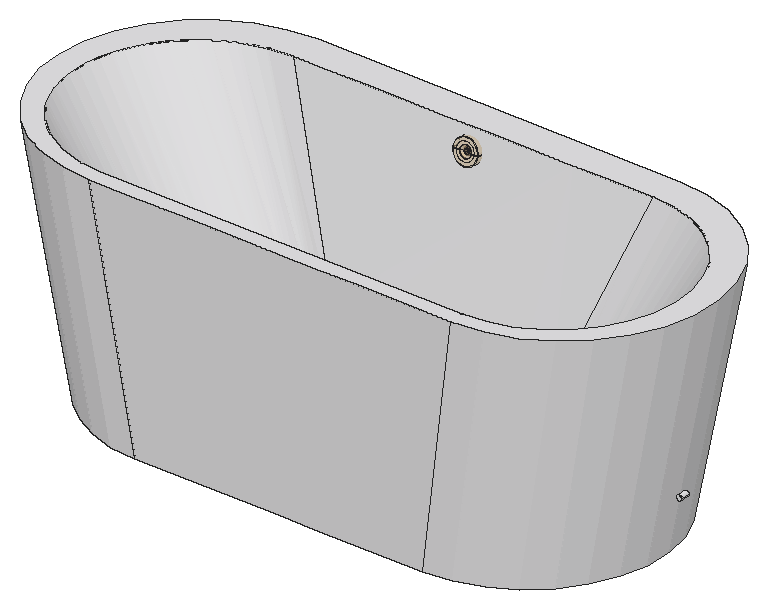
Revit family "Bath-Freestanding-BubbleMassage-KOHLER-EVOK-K-21351T_1", category Plumbing Fixtures, host Face, Revit 2017
Family settings
  Host = Face
  Round Connector Dimension = Use Diameter
  Part Type = Normal
  OmniClass Number = 23.31.15.00
  OmniClass Title = Bathtubs
  Cut with Voids When Loaded = No
  Shared = No
  Room Calculation Point = No
Parameters (values of type "0-White")
  Width = 66 117/128"  # constant formula
  WaterSense Certified = 1 = 0  # no
  Waste Water Outlet = "Waste Water Outlet"  # constant formula
  Waste Connection = 1 = 1  # yes
  Voltage = 240 V  # constant formula
  Vent Connection = 1 = 0  # no
  URL = "http://www.kohler.com.cn/"
  Type = 1
  Pump Electrical Connector = "Pump Electrical Connector"  # constant formula
  Product Page URL = "https://www.kohler.com.cn/product/K-21351T-ACH-0/K-21351T-ACH-0/"
  Product Name = "EVOK"  # constant formula
  Product Documentation Link = "https://files.kohler.com.cn/pdfs/1552296724054_K-21351T_final.pdf"
  Model = "K-21351T-ACH-0"  # constant formula
  Material = "ACRYLIC"  # constant formula
  Master Format 2014 Name = "Residential Bathtubs"  # constant formula
  Master Format 2014 = "22 41 19"  # constant formula
  Manufacturer Address = "Kohler Beijing Office (100016)36-2-03-B, No. 88, Liuxiang Road, Beijing"  # constant formula
  Manufacturer = "KOHLER Co."  # constant formula
  Length = 29 33/64"  # constant formula
  Hot Water Inlet = "Hot Water Inlet"  # constant formula
  Height = 25"  # constant formula
  Heater Electrical Connector = "Heater Electrical Connector"  # constant formula
  HW Connection = 1 = 0  # no
  Finish = KOHLER-Acrylic-0-White
  Environmental Product Declaration = ""
  Electrical Note = "Dedicated branch circuit required, protected with Class A Ground-Fault Circuit-Interrupt (GFCI)"  # constant formula
  Electrical Connector = 1 = 1  # yes
  Drain Included = 1 = 1  # yes
  Description = "EVOK Eve Luguang Fragrance Freestanding Bubble Bath—Amber Gold"  # constant formula
  Default Elevation = 0"
  Declare Label = ""
  Date Modified = "01/25/2021"  # constant formula
  Date Created = "01/25/2021"  # constant formula
  Copyright = "Copyright KOHLER Co."  # constant formula
  Contact Us = "http://www.kohler.com.cn/contact/contact-us/"
  Cold Water Inlet = "Cold Water Inlet"  # constant formula
  CW Connection = 1 = 0  # no
  Blower Electrical Connector = "Blower Electrical Connector"  # constant formula
  Assembly Code = "D2010500"
  Apparent Load = 0 VA
  Amplifer Electrical Connector = "Amplifier Electrical Connector"  # constant formula
  ADA Compliant = 1 = 0  # no
Reference planes (in)
  plane 1 "Center (Front/Back)": y = 0
  plane 2: z = 0
  plane 3 "Center (Left/Right)": x = 0
  plane 4: y = 14.76191
  plane 5: y = -14.75371
  plane 6: x = -33.46457
  plane 7: x = 33.4495
  plane 8: z = 25
  plane 9: x = -28.42172
  plane 10: x = 28.39555
  plane 11: y = 13.53823
  plane 12: y = -13.53824
  plane 13: x = 31.20079
  plane 14: y = -0.90625
  plane 15: z = 7.01264
  plane 16: z = 4.09848
Dimensions and locks (in)
  "Width": plane 6 to plane 7
  "Length": plane 4 to plane 5
  "Height": plane 8 to level
  plane 10 to plane 9 = 56.81726"
  plane 11 to plane 12 = 27.07647"
  plane 8 to level = 25"
  aligned and locked: plane 2 to host face
  aligned and locked: level to host face
Automatic sketch dimensions
  host sketch curve to host sketch curve = 96"  (x2)
Nested families (in)
  nested 1: "K-21351T" at (0, 0, 0), type "K-21351T"
Connectors (in)
  piping at (0, -0.90625, 4.09848), diameter 1.32031, driven by "Waste Connection", driven by "Waste Water Outlet"
    settings: on nested 1, index 1, connector inside diameter 24", connector length 0", flow factor 0, pipe flow 0 GPM, pressure drop 0.00 psi, fitting loss kfactor 0, connector angle 0.00°, fixture units 0, engagement length 0", angle of deflection 0.00°, flow configuration 0, flow direction 2, fitting loss method 0, system type 16, joint type 0, gender type 0, connector reference index -1, connector utility 1, adjustable connector no, is connector primary yes, connector description "Waste Water Outlet"
  electrical at (31.20079, -0.90625, 7.01264), driven by "Voltage", driven by "Apparent Load", driven by "Electrical Connector", driven by "Blower Electrical Connector"
    settings: on nested 1, index 2, voltage 240 V, apparent load 0 VA, apparent load phase1 0 VA, apparent load phase2 0 VA, apparent load phase3 0 VA, power factor 1, load classification "Power", number of poles 1, system type 31, power factor state 1, is connector primary yes, connector utility yes, sub classification motor no, connector description "Blower Electrical Connector"
  electrical at (31.20079, 0, 7.01264), driven by "Voltage", driven by "Apparent Load", driven by "Electrical Connector", driven by "Heater Electrical Connector"
    settings: on nested 1, index 3, voltage 240 V, apparent load 0 VA, apparent load phase1 0 VA, apparent load phase2 0 VA, apparent load phase3 0 VA, power factor 1, load classification "Power", number of poles 1, system type 31, power factor state 1, is connector primary no, connector utility yes, sub classification motor no, connector description "Heater Electrical Connector"
Definition of nested family "K-21351T"
  Parameters (values of type "K-21351T")
    Material = none
  Reference planes (in)
    plane 1 "Center (Front/Back)": y = 0
    plane 2: z = 0
    plane 3 "Center (Left/Right)": x = 0
    plane 4: x = -33.46457
    plane 5: x = 33.44894
    plane 6: z = 25
    plane 7: y = 11.64415
    plane 8: y = 7.23949
    plane 9: y = 4.33588
    plane 10: y = -6.08964
    plane 11: y = -9.12447
    plane 12: y = -13.49401
    plane 13: x = -31.20079
    plane 14: x = -20.81683
    plane 15: x = -16.32444
    plane 16: x = 21.06683
    plane 17: x = 16.26194
    plane 18: x = -28.42172
    plane 19: x = 28.39555
    plane 20: y = -14.75436
    plane 21: y = 14.76191
    plane 22: x = 31.20079
    plane 23: y = 11.42267
    plane 24: y = -13.24794
    plane 25: z = 24.76428
    plane 26: z = 0.109
    plane 27: y = -0.90625
    plane 28: y = 13.53823
    plane 29: y = -13.53824
    plane 30: y = 1.51483
    plane 31: y = -3.32733
    plane 32: x = -2.42108
    plane 33: x = 2.42108
    plane 34: z = 7.01264
  Forms (in)
    Blend 1, solid, material <- "Material", detail levels medium+fine
      base sketch origin (0, 0, 0) x (1, 0, 0) y (0, 1, 0)
        loop
          arc (14.85731, -13.53825) -> (28.39555, -0.00001) -> (14.85731, 13.53823) r 13.53824
          line (14.85731, 13.53823) -> (-14.88346, 13.53825)
          arc (-14.88346, 13.53825) -> (-28.42172, 0.00001) -> (-14.88347, -13.53824) r 13.53824
          line (-14.88347, -13.53824) -> (14.85731, -13.53825)
      top sketch origin (0, 0, 0) x (1, 0, 0) y (0, 1, 0)
        loop
          arc (18.71411, -14.74582) -> (33.46198, 0.01275) -> (18.70619, 14.76341) r 14.75461
          line (18.70619, 14.76341) -> (-18.68468, 14.76042)
          arc (-18.68468, 14.76042) -> (-33.44515, -0.0052) -> (-18.67675, -14.7629) r 14.76166
          line (-18.67675, -14.7629) -> (18.71411, -14.74582)
      from 0 to 25
    Blend 2, void
      base sketch origin (0, 0, 0) x (1, 0, 0) y (0, 1, 0)
        loop
          line (-14.81805, -12.33838) -> (14.85339, -12.33838)
          arc (14.85339, -12.33838) -> (27.19177, 0) -> (14.85339, 12.33838) r 12.33838
          line (14.85339, 12.33838) -> (-14.81805, 12.33838)
          arc (-14.81805, 12.33838) -> (-27.15643, 0) -> (-14.81805, -12.33838) r 12.33838
      top sketch origin (0, 0, 0) x (1, 0, 0) y (0, 1, 0)
        loop
          arc (18.5492, -13.53825) -> (31.21812, -0.86933) -> (18.5492, 11.79959) r 12.66892
          line (18.5492, 11.79959) -> (-18.59458, 11.79959)
          arc (-18.59458, 11.79959) -> (-31.2635, -0.86933) -> (-18.59458, -13.53824) r 12.66891
          line (-18.59458, -13.53824) -> (18.5492, -13.53825)
      from 0 to 25.00772
    Blend 3, solid, material <- "Material", detail levels medium+fine
      base sketch origin (0, 0, 0) x (1, 0, 0) y (0, 1, 0)
        loop
          arc (-9.78782, -10.80389) -> (-0.06622, -10.70092) -> (9.65518, -10.82156) r 422.70918
          arc (9.65518, -10.82156) -> (19.8096, -0.91908) -> (9.67923, 9.00799) r 9.91734
          arc (9.67923, 9.00799) -> (-0.05847, 8.90281) -> (-9.7962, 9.00568) r 455.82661
          arc (-9.7962, 9.00568) -> (-19.91377, -0.90339) -> (-9.78782, -10.80389) r 9.90711
      top sketch origin (0, 0, 0) x (1, 0, 0) y (0, 1, 0)
        loop
          arc (18.6415, -13.7792) -> (31.55793, -0.86277) -> (18.6415, 12.05365) r 12.91642
          line (18.6415, 12.05365) -> (-18.55313, 12.05365)
          arc (-18.55313, 12.05365) -> (-31.46955, -0.86277) -> (-18.55313, -13.77919) r 12.91642
          line (-18.55313, -13.77919) -> (18.6415, -13.7792)
      from 4.96063 to 25
    Blend 4, void
      base sketch origin (0, 0, 0) x (1, 0, 0) y (0, 1, 0)
        loop
          arc (-10.94702, -8.99099) -> (0.01553, -8.85952) -> (10.97813, -8.98657) r 464.94894
          arc (10.97813, -8.98657) -> (19.22613, -0.92403) -> (10.96783, 7.12795) r 8.05959
          arc (10.96783, 7.12795) -> (0.01502, 6.99366) -> (-10.93776, 7.13094) r 441.79671
          arc (-10.93776, 7.13094) -> (-19.20212, -0.92528) -> (-10.94702, -8.99099) r 8.06336
      top sketch origin (0, 0, 0) x (1, 0, 0) y (0, 1, 0)
        loop
          line (-18.50948, -13.24794) -> (18.55287, -13.24795)
          arc (18.55287, -13.24795) -> (30.88823, -0.91256) -> (18.55281, 11.42277) r 12.33536
          line (18.55281, 11.42277) -> (-18.50954, 11.42258)
          arc (-18.50954, 11.42258) -> (-30.84474, -0.91271) -> (-18.50948, -13.24794) r 12.33526
      from 5.4179 to 25
    Sweep 5, solid, material <- "Material", detail levels medium+fine
      path origin (0.07812, 0, 0) x (1, 0, 0) y (0, 1, 0)
        loop
          arc (-10.92866, 7.41263) -> (-19.37443, -0.86937) -> (-10.93759, -9.16047) r 8.28797
          arc (-10.93759, -9.16047) -> (-0.09293, -9.06151) -> (10.75178, -9.15424) r 613.55247
          arc (10.75178, -9.15424) -> (19.1771, -0.86996) -> (10.74336, 7.40575) r 8.28132
          arc (10.74336, 7.40575) -> (-0.09268, 7.30774) -> (-10.92866, 7.41263) r 578.7772
      profile origin (-19.29631, -0.86937, 0) x (-1, 0.000539, 0) y (0, 0, 1)
        loop
          arc (1.19473, 7.69761) -> (-0.76284, 6.06951) -> (-3.21931, 5.3998) r 6
          line (-3.21931, 5.3998) -> (-5.48185, 5.28122) -> (0.01441, 5.19712) -> (1.98685, 8.4798)
          arc (1.98685, 8.4798) -> (1.96604, 8.57566) -> (1.86909, 8.56074) r 0.07158
          line (1.86909, 8.56074) -> (1.19473, 7.69761)
    Revolve 6, solid, detail levels medium+fine
      sketch origin (0, 4.1765, 24.14029) x (1, 0, 0) y (0, 0.984808, -0.173648)
        loop
          arc (-0.88012, 6.38253) -> (-0.73517, 6.39827) -> (-0.59091, 6.41939) r 3.9202
          arc (-0.59091, 6.41939) -> (-0.5772, 6.42716) -> (-0.57178, 6.44195) r 0.02287
          line (-0.57178, 6.44195) -> (-0.57178, 6.48508)
          arc (-0.57178, 6.48508) -> (-0.56447, 6.50822) -> (-0.54519, 6.52296) r 0.04028
          arc (-0.54519, 6.52296) -> (-0.42939, 6.59231) -> (-0.34814, 6.7001) r 0.35255
          line (-0.34814, 6.7001) -> (-0.32151, 6.73813)
          arc (-0.32151, 6.73813) -> (-0.40635, 6.60009) -> (-0.54466, 6.51567) r 0.34669
          arc (-0.54466, 6.51567) -> (-0.55835, 6.50576) -> (-0.56358, 6.48968) r 0.02732
          line (-0.56358, 6.48968) -> (-0.56358, 6.45075)
          arc (-0.56358, 6.45075) -> (-0.55623, 6.43548) -> (-0.53971, 6.43169) r 0.01955
          arc (-0.53971, 6.43169) -> (-0.37425, 6.50882) -> (-0.25546, 6.64742) r 0.43179
          arc (-0.25546, 6.64742) -> (-0.21536, 6.74867) -> (-0.20017, 6.85651) r 0.46035
          arc (-0.20017, 6.85651) -> (-0.13565, 6.90735) -> (-0.09816, 6.83425) r 0.0532
          line (-0.09816, 6.83425) -> (-0.21837, 6.55635)
          arc (-0.21837, 6.55635) -> (-0.2204, 6.54124) -> (-0.21426, 6.52729) r 0.02813
          arc (-0.21426, 6.52729) -> (-0.19024, 6.50573) -> (-0.16092, 6.49223) r 0.108
          arc (-0.16092, 6.49223) -> (-0.10378, 6.47821) -> (-0.04568, 6.46893) r 0.7171
          arc (-0.04568, 6.46893) -> (-0.00597, 6.46585) -> (0.03386, 6.46597) r 0.49659
          line (0.03386, 6.46597) -> (0.03386, 7.07189) -> (-1.26526, 7.07189) -> (-1.26526, 6.43717)
          arc (-1.26526, 6.43717) -> (-1.24926, 6.39853) -> (-1.21062, 6.38253) r 0.05464
          line (-1.21062, 6.38253) -> (-0.88012, 6.38253)
        axis (0.03386, 6.38253) -> (0.03386, 7.07189)
      angle from 0 to 360
    Revolve 7, solid, material <- "Material", detail levels medium+fine
      sketch origin (0, -0.90625, 0) x (1, 0, 0) y (0, 0, 1)
        loop
          line (-3.00558, 5.20495) -> (-0.25591, 5.20495) -> (-0.25591, 5.37052) -> (-2.37211, 5.37052)
          arc (-2.37211, 5.37052) -> (-2.42106, 5.41738) -> (-2.37637, 5.46832) r 0.04899
          arc (-2.37637, 5.46832) -> (-1.18931, 5.54593) -> (0, 5.57181) r 27.32423
          line (0, 5.57181) -> (0, 4.11417) -> (-1.93274, 4.11417)
          arc (-1.93274, 4.11417) -> (-2.28021, 4.2493) -> (-2.44511, 4.58367) r 0.51432
          line (-2.44511, 4.58367) -> (-2.45496, 4.69627)
          arc (-2.45496, 4.69627) -> (-2.63216, 5.05561) -> (-3.00558, 5.20082) r 0.55273
        axis (0, 4.11417) -> (0, 5.57181)
      angle from 0 to 360
    Extrusion 8, solid, material <- "Material", detail levels medium+fine
      sketch origin (0, 0, 0) x (1, 0, 0) y (0, 1, 0)
        loop
          circle (0, -0.90625) r 1.32
      from 4.09848 to 5.17914
    Sweep 9, solid, material <- "Material", detail levels coarse
      path origin (0, 0, 0) x (1, 0, 0) y (0, 1, 0)
        loop
          line (18.70619, 14.76341) -> (-18.68468, 14.76042)
          arc (-18.68468, 14.76042) -> (-33.44515, -0.0052) -> (-18.67675, -14.7629) r 14.76166
          line (-18.67675, -14.7629) -> (18.71411, -14.74582)
          arc (18.71411, -14.74582) -> (33.46198, 0.01275) -> (18.70619, 14.76341) r 14.75461
      profile origin (0.01076, 14.76191, 0) x (0.00008, -1, 0) y (0, 0, 1)
        loop
          line (0.74477, 0) -> (9.48769, 0) -> (9.48769, 5.82427) -> (8.0634, 5.82427)
          arc (8.0634, 5.82427) -> (6.89242, 6.27377) -> (6.32298, 7.39135) r 1.75
          line (6.32298, 7.39135) -> (4.39712, 25.71471) -> (-0.60288, 25.71471) -> (0.74477, 0)
    Extrusion 10, solid, material <- "Material", detail levels coarse
      sketch origin (0, 0, 0) x (1, 0, 0) y (0, 1, 0)
        loop
          arc (18.70977, -5.25813) -> (23.97429, 0.01021) -> (18.70695, 5.27572) r 5.26692
          line (18.70695, 5.27572) -> (-18.68392, 5.27273)
          arc (-18.68392, 5.27273) -> (-23.95747, -0.00265) -> (-18.68109, -5.27521) r 5.27397
          line (-18.68109, -5.27521) -> (18.70977, -5.25813)
      from 0 to 5.82427
    Extrusion 11, solid, material <- "Material", detail levels medium+fine
      sketch origin (0, 0, 0) x (1, 0, 0) y (0, 0, 1)
        loop
          circle (31.20079, 7.01264) r 0.25
      from 0 to 0.90625
  Cuts and joins
    Blend 2 cuts Blend 1
    Blend 4 cuts Blend 3
    joined: Blend 1, Blend 3, Sweep 5, Revolve 7
    joined: Sweep 9, Extrusion 10
  Lines and regions (in)
    Masking region 1
      outline origin (0, 0, 0) x (1, 0, 0) y (0, 1, 0)
        loop
          line (18.70619, 14.76341) -> (-18.68468, 14.76042)
          arc (-18.68468, 14.76042) -> (-33.44515, -0.0052) -> (-18.67675, -14.7629) r 14.76166
          line (-18.67675, -14.7629) -> (18.71411, -14.74582)
          arc (18.71411, -14.74582) -> (33.46198, 0.01275) -> (18.70619, 14.76341) r 14.75461
    Masking region 2
      outline origin (0, 0, 0) x (1, 0, 0) y (0, 0, 1)
        loop
          line (33.49891, 25) -> (-33.46457, 25) -> (-28.42172, 0) -> (28.39555, 0) -> (33.49891, 25)
    Masking region 3
      outline origin (0, 0, 0) x (0, 1, 0) y (0, 0, 1)
        loop
          line (14.77234, 25) -> (-14.77182, 25) -> (-13.53825, 0) -> (13.53825, 0) -> (14.77234, 25)
    symbolic lines, detail levels medium+fine
      curve 1: line (-18.86555, 11.42258, 0) -> (18.86186, 11.42278, 0)
      curve 2: arc (18.86186, 11.42278, 0) -> (31.19728, -0.91255, 0) -> (18.86192, -13.24795, 0) r 12.33536
      curve 3: line (18.86192, -13.24795, 0) -> (-18.86549, -13.24794, 0)
      curve 4: arc (-18.86549, -13.24794, 0) -> (-31.20075, -0.91271, 0) -> (-18.86555, 11.42258, 0) r 12.33526
      curve 5: line (-10.85806, -9.23898, 0) -> (-19.59788, -4.89148, 0)
      curve 6: line (-19.59788, -4.89148, 0) -> (-19.98201, 2.19128, 0)
      curve 7: line (-19.98201, 2.19128, 0) -> (-10.85154, 7.35998, 0)
      curve 8: spline (-10.85154, 7.35998, 0) -> (-9.04561, 7.32329, 0) -> (-7.23955, 7.29321, 0) -> (-5.4334, 7.26976, 0) -> (-3.62717, 7.25292, 0) -> (-1.82089, 7.24271, 0) -> (-0.01459, 7.23911, 0) -> (1.79172, 7.24214, 0) -> (3.598, 7.25178, 0) -> (5.40423, 7.26805, 0) -> (7.21039, 7.29093, 0) -> (9.01645, 7.32043, 0) -> (10.8224, 7.35655, 0)
      curve 9: line (10.8224, 7.35655, 0) -> (19.48722, 3.28745, 0)
      curve 10: line (19.48722, 3.28745, 0) -> (19.02933, -5.86473, 0)
      curve 11: line (19.02933, -5.86473, 0) -> (10.82852, -9.234, 0)
      curve 12: spline (10.82852, -9.234, 0) -> (9.0215, -9.20016, 0) -> (7.21437, -9.17255, 0) -> (5.40715, -9.15116, 0) -> (3.59987, -9.13601, 0) -> (1.79255, -9.12708, 0) -> (-0.01479, -9.12438, 0) -> (-1.82213, -9.12791, 0) -> (-3.62945, -9.13766, 0) -> (-5.43672, -9.15365, 0) -> (-7.24393, -9.17586, 0) -> (-9.05105, -9.20431, 0) -> (-10.85806, -9.23898, 0)
      curve 13: arc (-10.91285, -6.18908, 0) -> (-0.01566, -6.08964, 0) -> (10.88158, -6.18283, 0) r 616.52434
      curve 14: arc (10.88158, -6.18283, 0) -> (16.28336, -0.87147, 0) -> (10.87619, 4.43438, 0) r 5.30946
      curve 15: arc (10.87619, 4.43438, 0) -> (-0.0155, 4.33588, 0) -> (-10.90712, 4.4413, 0) r 581.74906
      curve 16: arc (-10.90712, 4.4413, 0) -> (-16.32444, -0.87097, 0) -> (-10.91285, -6.18908, 0) r 5.3161
      curve 17: spline (-0.88012, 10.46206, 0) -> (-0.84897, 10.50314, 0) -> (-0.75767, 10.54142, 0) -> (-0.61242, 10.57429, 0) -> (-0.42313, 10.59951, 0) -> (-0.20269, 10.61537, 0) -> (0.03386, 10.62077, 0) -> (0.27042, 10.61537, 0) -> (0.49085, 10.59951, 0) -> (0.68014, 10.57429, 0) -> (0.82539, 10.54142, 0) -> (0.9167, 10.50314, 0) -> (0.94784, 10.46206, 0)
      curve 18: spline (0.94784, 10.46206, 0) -> (0.9167, 10.42099, 0) -> (0.82539, 10.38271, 0) -> (0.68014, 10.34984, 0) -> (0.49085, 10.32461, 0) -> (0.27042, 10.30876, 0) -> (0.03386, 10.30335, 0) -> (-0.20269, 10.30876, 0) -> (-0.42313, 10.32461, 0) -> (-0.61242, 10.34984, 0) -> (-0.75767, 10.38271, 0) -> (-0.84897, 10.42099, 0) -> (-0.88012, 10.46206, 0)
      curve 19: spline (-1.26508, 10.99339, 0) -> (-1.22117, 11.06891, 0) -> (-1.09159, 11.13929, 0) -> (-0.88519, 11.19974, 0) -> (-0.61607, 11.24613, 0) -> (-0.30259, 11.27529, 0) -> (0.03386, 11.28524, 0) -> (0.37031, 11.27529, 0) -> (0.6838, 11.24612, 0) -> (0.95292, 11.19973, 0) -> (1.15931, 11.13928, 0) -> (1.28889, 11.0689, 0) -> (1.33281, 10.99339, 0)
      curve 20: line (-1.26508, 10.99339, 0) -> (-1.26508, 10.5164, 0)
      curve 21: line (1.33281, 10.99339, 0) -> (1.33281, 10.49339, 0)
      curve 22: arc (-1.24878, 10.46175, 0) -> (-1.21337, 10.42255, 0) -> (-1.16769, 10.396, 0) r 0.17129
      curve 23: arc (-1.26508, 10.5164, 0) -> (-1.26092, 10.48789, 0) -> (-1.24878, 10.46175, 0) r 0.09974
      curve 24: arc (-1.16769, 10.396, 0) -> (-1.00088, 10.34132, 0) -> (-0.82908, 10.30524, 0) r 1.60053
      curve 25: arc (-0.82908, 10.30524, 0) -> (-0.41574, 10.25861, 0) -> (0, 10.245, 0) r 5.22509
      curve 26: arc (0, 10.245, 0) -> (0.39014, 10.25657, 0) -> (0.77936, 10.2857, 0) r 8.66087
      curve 27: arc (0.77936, 10.2857, 0) -> (1.01861, 10.32614, 0) -> (1.24984, 10.39966, 0) r 1.72972
      curve 28: arc (1.24984, 10.39966, 0) -> (1.3025, 10.43663, 0) -> (1.33281, 10.49339, 0) r 0.13868
      curve 29: arc (-0.21175, 10.59761, 0) -> (0.03398, 10.60687, 0) -> (0.2797, 10.59761, 0) r 3.26239
      curve 30: arc (-0.42819, 10.5714, 0) -> (-0.32027, 10.58694, 0) -> (-0.21175, 10.59761, 0) r 2.41757
      curve 31: arc (-0.56614, 10.52635, 0) -> (-0.49886, 10.55406, 0) -> (-0.42819, 10.5714, 0) r 0.48551
      curve 32: arc (0.2797, 10.59761, 0) -> (0.38976, 10.58661, 0) -> (0.49915, 10.57029, 0) r 2.28254
      curve 33: arc (0.49915, 10.57029, 0) -> (0.56687, 10.55351, 0) -> (0.63155, 10.52739, 0) r 0.49509
      curve 34: arc (-0.56614, 10.52635, 0) -> (-0.54666, 10.49573, 0) -> (-0.51604, 10.47625, 0) r 0.08358
      curve 35: arc (-0.51604, 10.47625, 0) -> (-0.39586, 10.44148, 0) -> (-0.27216, 10.42281, 0) r 0.94888
      curve 36: arc (-0.27216, 10.42281, 0) -> (-0.13619, 10.41342, 0) -> (0, 10.40803, 0) r 4.61886
      curve 37: arc (0, 10.40803, 0) -> (0.23948, 10.41408, 0) -> (0.47716, 10.44401, 0) r 2.39668
      curve 38: arc (0.47716, 10.44401, 0) -> (0.53594, 10.45812, 0) -> (0.59259, 10.4792, 0) r 0.50118
      curve 39: arc (0.59259, 10.4792, 0) -> (0.61789, 10.49859, 0) -> (0.63155, 10.52739, 0) r 0.06786
      curve 40: arc (-0.11978, 10.54992, 0) -> (0.03483, 10.53165, 0) -> (0.18943, 10.54992, 0) r 0.66331
      curve 41: arc (-0.16783, 10.56514, 0) -> (-0.14407, 10.55667, 0) -> (-0.11978, 10.54992, 0) r 0.35201
      curve 42: arc (-0.21175, 10.59761, 0) -> (-0.19189, 10.57853, 0) -> (-0.16783, 10.56514, 0) r 0.10704
      curve 43: arc (0.18943, 10.54992, 0) -> (0.21852, 10.55859, 0) -> (0.24649, 10.57038, 0) r 0.27826
      curve 44: arc (0.24649, 10.57038, 0) -> (0.26469, 10.58205, 0) -> (0.2797, 10.59761, 0) r 0.09295
      curve 45: line (-33.39422, 0, 24.76428) -> (33.41061, 0, 24.76428)
      curve 46: line (-28.44378, 0, 0.109) -> (28.4178, 0, 0.109)
      curve 51: line (0, 14.76191, 24.76428) -> (0, -14.75048, 24.76428)
      curve 52: line (0, 13.54363, 0.109) -> (0, -13.54362, 0.109)
    symbolic lines
      curve 47: line (-18.99657, 11.64415, 0) -> (18.92678, 11.64415, 0)
      curve 48: line (18.92678, -13.49401, 0) -> (-18.99657, -13.49401, 0)
      curve 49: arc (-18.99657, -13.49401, 0) -> (-31.56565, -0.92493, 0) -> (-18.99657, 11.64415, 0) r 12.56908
      curve 50: arc (18.92678, 11.64415, 0) -> (31.49586, -0.92493, 0) -> (18.92678, -13.49401, 0) r 12.56908
      curve 53: arc (2.42108, -0.90625, 0) -> (0, -3.32733, 0) -> (-2.42108, -0.90625, 0) r 2.42108
      curve 54: arc (-2.42108, -0.90625, 0) -> (0, 1.51483, 0) -> (2.42108, -0.90625, 0) r 2.42108
  Dimensions and locks (in)
    plane 4 to plane 5 = 66.91351"
    plane 21 to plane 20 = 29.51627"
    plane 13 to plane 22 = 62.40157"
    plane 4 to plane 3 "Center (Left/Right)" = 33.46457"
    plane 7 to plane 12 = 25.13816"
    plane 6 to level = 25"
    aligned and locked: plane 2 to level
